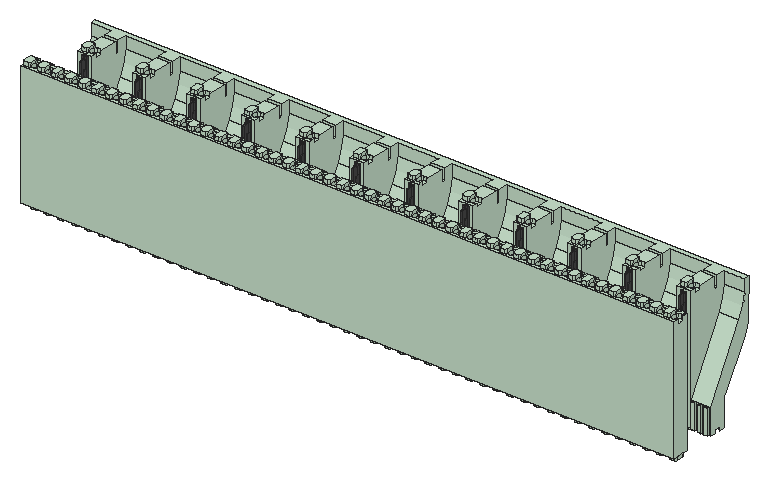
Revit family (continued)
Forms (mm)
  Extrusion 114, void
    sketch origin (2184.4, -25.16, 0) x (1, 0, 0) y (0, 1, 0)
      loop
        arc (25.4, 101.014) -> (26.615, 97.278) -> (29.796, 94.972) r 6.35
        arc (29.796, 94.972) -> (36.091, 93.737) -> (42.5, 94.024) r 26.988
        arc (42.5, 94.024) -> (43.786, 93.668) -> (44.346, 92.457) r 1.587
        line (44.346, 92.457) -> (44.346, 86.829) -> (48.685, 86.829) -> (48.685, 95.62)
        arc (48.685, 95.62) -> (48.795, 96.199) -> (49.108, 96.698) r 1.588
        arc (49.108, 96.698) -> (50.362, 98.696) -> (50.8, 101.014) r 6.35
        line (50.8, 101.014) -> (50.8, 124.411)
        arc (50.8, 124.411) -> (49.585, 128.147) -> (46.404, 130.453) r 6.35
        arc (46.404, 130.453) -> (38.1, 131.763) -> (29.796, 130.453) r 26.987
        arc (29.796, 130.453) -> (26.615, 128.147) -> (25.4, 124.411) r 6.35
    from 0 to 12.7
  Extrusion 115, void
    sketch origin (2133.6, -25.16, 0) x (1, 0, 0) y (0, 1, 0)
      loop
        line (25.4, 124.411) -> (25.4, 101.014)
        arc (25.4, 101.014) -> (26.615, 97.278) -> (29.796, 94.972) r 6.35
        arc (29.796, 94.972) -> (36.091, 93.737) -> (42.5, 94.024) r 26.988
        arc (42.5, 94.024) -> (43.786, 93.668) -> (44.346, 92.457) r 1.587
        line (44.346, 92.457) -> (44.346, 86.829) -> (48.685, 86.829) -> (48.685, 95.62)
        arc (48.685, 95.62) -> (48.795, 96.199) -> (49.108, 96.698) r 1.588
        arc (49.108, 96.698) -> (50.362, 98.696) -> (50.8, 101.014) r 6.35
        line (50.8, 101.014) -> (50.8, 124.411)
        arc (50.8, 124.411) -> (49.585, 128.147) -> (46.404, 130.453) r 6.35
        arc (46.404, 130.453) -> (38.1, 131.763) -> (29.796, 130.453) r 26.987
        arc (29.796, 130.453) -> (26.615, 128.147) -> (25.4, 124.411) r 6.35
    from 0 to 12.7
  Extrusion 116, void
    sketch origin (2082.8, -25.16, 0) x (1, 0, 0) y (0, 1, 0)
      loop
        line (25.4, 124.411) -> (25.4, 101.014)
        arc (25.4, 101.014) -> (26.615, 97.278) -> (29.796, 94.972) r 6.35
        arc (29.796, 94.972) -> (36.091, 93.737) -> (42.5, 94.024) r 26.988
        arc (42.5, 94.024) -> (43.786, 93.668) -> (44.346, 92.457) r 1.587
        line (44.346, 92.457) -> (44.346, 86.829) -> (48.685, 86.829) -> (48.685, 95.62)
        arc (48.685, 95.62) -> (48.795, 96.199) -> (49.108, 96.698) r 1.588
        arc (49.108, 96.698) -> (50.362, 98.696) -> (50.8, 101.014) r 6.35
        line (50.8, 101.014) -> (50.8, 124.411)
        arc (50.8, 124.411) -> (49.585, 128.147) -> (46.404, 130.453) r 6.35
        arc (46.404, 130.453) -> (38.1, 131.763) -> (29.796, 130.453) r 26.987
        arc (29.796, 130.453) -> (26.615, 128.147) -> (25.4, 124.411) r 6.35
    from 0 to 12.7
  Extrusion 117, void
    sketch origin (2032, -25.16, 0) x (1, 0, 0) y (0, 1, 0)
      loop
        line (25.4, 124.411) -> (25.4, 101.014)
        arc (25.4, 101.014) -> (26.615, 97.278) -> (29.796, 94.972) r 6.35
        arc (29.796, 94.972) -> (36.091, 93.737) -> (42.5, 94.024) r 26.988
        arc (42.5, 94.024) -> (43.786, 93.668) -> (44.346, 92.457) r 1.587
        line (44.346, 92.457) -> (44.346, 86.829) -> (48.685, 86.829) -> (48.685, 95.62)
        arc (48.685, 95.62) -> (48.795, 96.199) -> (49.108, 96.698) r 1.588
        arc (49.108, 96.698) -> (50.362, 98.696) -> (50.8, 101.014) r 6.35
        line (50.8, 101.014) -> (50.8, 124.411)
        arc (50.8, 124.411) -> (49.585, 128.147) -> (46.404, 130.453) r 6.35
        arc (46.404, 130.453) -> (38.1, 131.763) -> (29.796, 130.453) r 26.987
        arc (29.796, 130.453) -> (26.615, 128.147) -> (25.4, 124.411) r 6.35
    from 0 to 12.7
  Extrusion 118, void
    sketch origin (1981.2, -25.16, 0) x (1, 0, 0) y (0, 1, 0)
      loop
        line (25.4, 124.411) -> (25.4, 101.014)
        arc (25.4, 101.014) -> (26.615, 97.278) -> (29.796, 94.972) r 6.35
        arc (29.796, 94.972) -> (36.091, 93.737) -> (42.5, 94.024) r 26.988
        arc (42.5, 94.024) -> (43.786, 93.668) -> (44.346, 92.457) r 1.587
        line (44.346, 92.457) -> (44.346, 86.829) -> (48.685, 86.829) -> (48.685, 95.62)
        arc (48.685, 95.62) -> (48.795, 96.199) -> (49.108, 96.698) r 1.588
        arc (49.108, 96.698) -> (50.362, 98.696) -> (50.8, 101.014) r 6.35
        line (50.8, 101.014) -> (50.8, 124.411)
        arc (50.8, 124.411) -> (49.585, 128.147) -> (46.404, 130.453) r 6.35
        arc (46.404, 130.453) -> (38.1, 131.763) -> (29.796, 130.453) r 26.987
        arc (29.796, 130.453) -> (26.615, 128.147) -> (25.4, 124.411) r 6.35
    from 0 to 12.7
  Extrusion 119, void
    sketch origin (1930.4, -25.16, 0) x (1, 0, 0) y (0, 1, 0)
      loop
        line (25.4, 124.411) -> (25.4, 101.014)
        arc (25.4, 101.014) -> (26.615, 97.278) -> (29.796, 94.972) r 6.35
        arc (29.796, 94.972) -> (36.091, 93.737) -> (42.5, 94.024) r 26.988
        arc (42.5, 94.024) -> (43.786, 93.668) -> (44.346, 92.457) r 1.587
        line (44.346, 92.457) -> (44.346, 86.829) -> (48.685, 86.829) -> (48.685, 95.62)
        arc (48.685, 95.62) -> (48.795, 96.199) -> (49.108, 96.698) r 1.588
        arc (49.108, 96.698) -> (50.362, 98.696) -> (50.8, 101.014) r 6.35
        line (50.8, 101.014) -> (50.8, 124.411)
        arc (50.8, 124.411) -> (49.585, 128.147) -> (46.404, 130.453) r 6.35
        arc (46.404, 130.453) -> (38.1, 131.763) -> (29.796, 130.453) r 26.987
        arc (29.796, 130.453) -> (26.615, 128.147) -> (25.4, 124.411) r 6.35
    from 0 to 12.7
  Extrusion 120, void
    sketch origin (1879.6, -25.16, 0) x (1, 0, 0) y (0, 1, 0)
      loop
        line (25.4, 124.411) -> (25.4, 101.014)
        arc (25.4, 101.014) -> (26.615, 97.278) -> (29.796, 94.972) r 6.35
        arc (29.796, 94.972) -> (36.091, 93.737) -> (42.5, 94.024) r 26.988
        arc (42.5, 94.024) -> (43.786, 93.668) -> (44.346, 92.457) r 1.587
        line (44.346, 92.457) -> (44.346, 86.829) -> (48.685, 86.829) -> (48.685, 95.62)
        arc (48.685, 95.62) -> (48.795, 96.199) -> (49.108, 96.698) r 1.588
        arc (49.108, 96.698) -> (50.362, 98.696) -> (50.8, 101.014) r 6.35
        line (50.8, 101.014) -> (50.8, 124.411)
        arc (50.8, 124.411) -> (49.585, 128.147) -> (46.404, 130.453) r 6.35
        arc (46.404, 130.453) -> (38.1, 131.763) -> (29.796, 130.453) r 26.987
        arc (29.796, 130.453) -> (26.615, 128.147) -> (25.4, 124.411) r 6.35
    from 0 to 12.7
  Extrusion 121, void
    sketch origin (1828.8, -25.16, 0) x (1, 0, 0) y (0, 1, 0)
      loop
        line (25.4, 124.411) -> (25.4, 101.014)
        arc (25.4, 101.014) -> (26.615, 97.278) -> (29.796, 94.972) r 6.35
        arc (29.796, 94.972) -> (36.091, 93.737) -> (42.5, 94.024) r 26.988
        arc (42.5, 94.024) -> (43.786, 93.668) -> (44.346, 92.457) r 1.587
        line (44.346, 92.457) -> (44.346, 86.829) -> (48.685, 86.829) -> (48.685, 95.62)
        arc (48.685, 95.62) -> (48.795, 96.199) -> (49.108, 96.698) r 1.588
        arc (49.108, 96.698) -> (50.362, 98.696) -> (50.8, 101.014) r 6.35
        line (50.8, 101.014) -> (50.8, 124.411)
        arc (50.8, 124.411) -> (49.585, 128.147) -> (46.404, 130.453) r 6.35
        arc (46.404, 130.453) -> (38.1, 131.763) -> (29.796, 130.453) r 26.987
        arc (29.796, 130.453) -> (26.615, 128.147) -> (25.4, 124.411) r 6.35
    from 0 to 12.7
  Extrusion 122, void
    sketch origin (1778, -25.16, 0) x (1, 0, 0) y (0, 1, 0)
      loop
        line (25.4, 124.411) -> (25.4, 101.014)
        arc (25.4, 101.014) -> (26.615, 97.278) -> (29.796, 94.972) r 6.35
        arc (29.796, 94.972) -> (36.091, 93.737) -> (42.5, 94.024) r 26.988
        arc (42.5, 94.024) -> (43.786, 93.668) -> (44.346, 92.457) r 1.587
        line (44.346, 92.457) -> (44.346, 86.829) -> (48.685, 86.829) -> (48.685, 95.62)
        arc (48.685, 95.62) -> (48.795, 96.199) -> (49.108, 96.698) r 1.588
        arc (49.108, 96.698) -> (50.362, 98.696) -> (50.8, 101.014) r 6.35
        line (50.8, 101.014) -> (50.8, 124.411)
        arc (50.8, 124.411) -> (49.585, 128.147) -> (46.404, 130.453) r 6.35
        arc (46.404, 130.453) -> (38.1, 131.763) -> (29.796, 130.453) r 26.987
        arc (29.796, 130.453) -> (26.615, 128.147) -> (25.4, 124.411) r 6.35
    from 0 to 12.7
  Extrusion 123, void
    sketch origin (1727.2, -25.16, 0) x (1, 0, 0) y (0, 1, 0)
      loop
        line (25.4, 124.411) -> (25.4, 101.014)
        arc (25.4, 101.014) -> (26.615, 97.278) -> (29.796, 94.972) r 6.35
        arc (29.796, 94.972) -> (36.091, 93.737) -> (42.5, 94.024) r 26.988
        arc (42.5, 94.024) -> (43.786, 93.668) -> (44.346, 92.457) r 1.587
        line (44.346, 92.457) -> (44.346, 86.829) -> (48.685, 86.829) -> (48.685, 95.62)
        arc (48.685, 95.62) -> (48.795, 96.199) -> (49.108, 96.698) r 1.588
        arc (49.108, 96.698) -> (50.362, 98.696) -> (50.8, 101.014) r 6.35
        line (50.8, 101.014) -> (50.8, 124.411)
        arc (50.8, 124.411) -> (49.585, 128.147) -> (46.404, 130.453) r 6.35
        arc (46.404, 130.453) -> (38.1, 131.763) -> (29.796, 130.453) r 26.987
        arc (29.796, 130.453) -> (26.615, 128.147) -> (25.4, 124.411) r 6.35
    from 0 to 12.7
  Extrusion 124, void
    sketch origin (1676.4, -25.16, 0) x (1, 0, 0) y (0, 1, 0)
      loop
        line (25.4, 124.411) -> (25.4, 101.014)
        arc (25.4, 101.014) -> (26.615, 97.278) -> (29.796, 94.972) r 6.35
        arc (29.796, 94.972) -> (36.091, 93.737) -> (42.5, 94.024) r 26.988
        arc (42.5, 94.024) -> (43.786, 93.668) -> (44.346, 92.457) r 1.587
        line (44.346, 92.457) -> (44.346, 86.829) -> (48.685, 86.829) -> (48.685, 95.62)
        arc (48.685, 95.62) -> (48.795, 96.199) -> (49.108, 96.698) r 1.588
        arc (49.108, 96.698) -> (50.362, 98.696) -> (50.8, 101.014) r 6.35
        line (50.8, 101.014) -> (50.8, 124.411)
        arc (50.8, 124.411) -> (49.585, 128.147) -> (46.404, 130.453) r 6.35
        arc (46.404, 130.453) -> (38.1, 131.763) -> (29.796, 130.453) r 26.987
        arc (29.796, 130.453) -> (26.615, 128.147) -> (25.4, 124.411) r 6.35
    from 0 to 12.7
  Extrusion 125, void
    sketch origin (1625.6, -25.16, 0) x (1, 0, 0) y (0, 1, 0)
      loop
        line (25.4, 124.411) -> (25.4, 101.014)
        arc (25.4, 101.014) -> (26.615, 97.278) -> (29.796, 94.972) r 6.35
        arc (29.796, 94.972) -> (36.091, 93.737) -> (42.5, 94.024) r 26.988
        arc (42.5, 94.024) -> (43.786, 93.668) -> (44.346, 92.457) r 1.587
        line (44.346, 92.457) -> (44.346, 86.829) -> (48.685, 86.829) -> (48.685, 95.62)
        arc (48.685, 95.62) -> (48.795, 96.199) -> (49.108, 96.698) r 1.588
        arc (49.108, 96.698) -> (50.362, 98.696) -> (50.8, 101.014) r 6.35
        line (50.8, 101.014) -> (50.8, 124.411)
        arc (50.8, 124.411) -> (49.585, 128.147) -> (46.404, 130.453) r 6.35
        arc (46.404, 130.453) -> (38.1, 131.763) -> (29.796, 130.453) r 26.987
        arc (29.796, 130.453) -> (26.615, 128.147) -> (25.4, 124.411) r 6.35
    from 0 to 12.7
  Extrusion 126, void
    sketch origin (1574.8, -25.16, 0) x (1, 0, 0) y (0, 1, 0)
      loop
        line (25.4, 124.411) -> (25.4, 101.014)
        arc (25.4, 101.014) -> (26.615, 97.278) -> (29.796, 94.972) r 6.35
        arc (29.796, 94.972) -> (36.091, 93.737) -> (42.5, 94.024) r 26.988
        arc (42.5, 94.024) -> (43.786, 93.668) -> (44.346, 92.457) r 1.587
        line (44.346, 92.457) -> (44.346, 86.829) -> (48.685, 86.829) -> (48.685, 95.62)
        arc (48.685, 95.62) -> (48.795, 96.199) -> (49.108, 96.698) r 1.588
        arc (49.108, 96.698) -> (50.362, 98.696) -> (50.8, 101.014) r 6.35
        line (50.8, 101.014) -> (50.8, 124.411)
        arc (50.8, 124.411) -> (49.585, 128.147) -> (46.404, 130.453) r 6.35
        arc (46.404, 130.453) -> (38.1, 131.763) -> (29.796, 130.453) r 26.987
        arc (29.796, 130.453) -> (26.615, 128.147) -> (25.4, 124.411) r 6.35
    from 0 to 12.7
  Extrusion 127, void
    sketch origin (1524, -25.16, 0) x (1, 0, 0) y (0, 1, 0)
      loop
        line (25.4, 124.411) -> (25.4, 101.014)
        arc (25.4, 101.014) -> (26.615, 97.278) -> (29.796, 94.972) r 6.35
        arc (29.796, 94.972) -> (36.091, 93.737) -> (42.5, 94.024) r 26.988
        arc (42.5, 94.024) -> (43.786, 93.668) -> (44.346, 92.457) r 1.587
        line (44.346, 92.457) -> (44.346, 86.829) -> (48.685, 86.829) -> (48.685, 95.62)
        arc (48.685, 95.62) -> (48.795, 96.199) -> (49.108, 96.698) r 1.588
        arc (49.108, 96.698) -> (50.362, 98.696) -> (50.8, 101.014) r 6.35
        line (50.8, 101.014) -> (50.8, 124.411)
        arc (50.8, 124.411) -> (49.585, 128.147) -> (46.404, 130.453) r 6.35
        arc (46.404, 130.453) -> (38.1, 131.763) -> (29.796, 130.453) r 26.987
        arc (29.796, 130.453) -> (26.615, 128.147) -> (25.4, 124.411) r 6.35
    from 0 to 12.7
  Extrusion 128, void
    sketch origin (1473.2, -25.16, 0) x (1, 0, 0) y (0, 1, 0)
      loop
        line (25.4, 124.411) -> (25.4, 101.014)
        arc (25.4, 101.014) -> (26.615, 97.278) -> (29.796, 94.972) r 6.35
        arc (29.796, 94.972) -> (36.091, 93.737) -> (42.5, 94.024) r 26.988
        arc (42.5, 94.024) -> (43.786, 93.668) -> (44.346, 92.457) r 1.587
        line (44.346, 92.457) -> (44.346, 86.829) -> (48.685, 86.829) -> (48.685, 95.62)
        arc (48.685, 95.62) -> (48.795, 96.199) -> (49.108, 96.698) r 1.588
        arc (49.108, 96.698) -> (50.362, 98.696) -> (50.8, 101.014) r 6.35
        line (50.8, 101.014) -> (50.8, 124.411)
        arc (50.8, 124.411) -> (49.585, 128.147) -> (46.404, 130.453) r 6.35
        arc (46.404, 130.453) -> (38.1, 131.763) -> (29.796, 130.453) r 26.987
        arc (29.796, 130.453) -> (26.615, 128.147) -> (25.4, 124.411) r 6.35
    from 0 to 12.7
  Extrusion 129, void
    sketch origin (1422.4, -25.16, 0) x (1, 0, 0) y (0, 1, 0)
      loop
        line (25.4, 124.411) -> (25.4, 101.014)
        arc (25.4, 101.014) -> (26.615, 97.278) -> (29.796, 94.972) r 6.35
        arc (29.796, 94.972) -> (36.091, 93.737) -> (42.5, 94.024) r 26.988
        arc (42.5, 94.024) -> (43.786, 93.668) -> (44.346, 92.457) r 1.587
        line (44.346, 92.457) -> (44.346, 86.829) -> (48.685, 86.829) -> (48.685, 95.62)
        arc (48.685, 95.62) -> (48.795, 96.199) -> (49.108, 96.698) r 1.588
        arc (49.108, 96.698) -> (50.362, 98.696) -> (50.8, 101.014) r 6.35
        line (50.8, 101.014) -> (50.8, 124.411)
        arc (50.8, 124.411) -> (49.585, 128.147) -> (46.404, 130.453) r 6.35
        arc (46.404, 130.453) -> (38.1, 131.763) -> (29.796, 130.453) r 26.987
        arc (29.796, 130.453) -> (26.615, 128.147) -> (25.4, 124.411) r 6.35
    from 0 to 12.7
  Extrusion 130, void
    sketch origin (1371.6, -25.16, 0) x (1, 0, 0) y (0, 1, 0)
      loop
        line (25.4, 124.411) -> (25.4, 101.014)
        arc (25.4, 101.014) -> (26.615, 97.278) -> (29.796, 94.972) r 6.35
        arc (29.796, 94.972) -> (36.091, 93.737) -> (42.5, 94.024) r 26.988
        arc (42.5, 94.024) -> (43.786, 93.668) -> (44.346, 92.457) r 1.587
        line (44.346, 92.457) -> (44.346, 86.829) -> (48.685, 86.829) -> (48.685, 95.62)
        arc (48.685, 95.62) -> (48.795, 96.199) -> (49.108, 96.698) r 1.588
        arc (49.108, 96.698) -> (50.362, 98.696) -> (50.8, 101.014) r 6.35
        line (50.8, 101.014) -> (50.8, 124.411)
        arc (50.8, 124.411) -> (49.585, 128.147) -> (46.404, 130.453) r 6.35
        arc (46.404, 130.453) -> (38.1, 131.763) -> (29.796, 130.453) r 26.987
        arc (29.796, 130.453) -> (26.615, 128.147) -> (25.4, 124.411) r 6.35
    from 0 to 12.7
  Extrusion 131, void
    sketch origin (1320.8, -25.16, 0) x (1, 0, 0) y (0, 1, 0)
      loop
        line (25.4, 124.411) -> (25.4, 101.014)
        arc (25.4, 101.014) -> (26.615, 97.278) -> (29.796, 94.972) r 6.35
        arc (29.796, 94.972) -> (36.091, 93.737) -> (42.5, 94.024) r 26.988
        arc (42.5, 94.024) -> (43.786, 93.668) -> (44.346, 92.457) r 1.587
        line (44.346, 92.457) -> (44.346, 86.829) -> (48.685, 86.829) -> (48.685, 95.62)
        arc (48.685, 95.62) -> (48.795, 96.199) -> (49.108, 96.698) r 1.588
        arc (49.108, 96.698) -> (50.362, 98.696) -> (50.8, 101.014) r 6.35
        line (50.8, 101.014) -> (50.8, 124.411)
        arc (50.8, 124.411) -> (49.585, 128.147) -> (46.404, 130.453) r 6.35
        arc (46.404, 130.453) -> (38.1, 131.763) -> (29.796, 130.453) r 26.987
        arc (29.796, 130.453) -> (26.615, 128.147) -> (25.4, 124.411) r 6.35
    from 0 to 12.7
  Extrusion 132, void
    sketch origin (1270, -25.16, 0) x (1, 0, 0) y (0, 1, 0)
      loop
        line (25.4, 124.411) -> (25.4, 101.014)
        arc (25.4, 101.014) -> (26.615, 97.278) -> (29.796, 94.972) r 6.35
        arc (29.796, 94.972) -> (36.091, 93.737) -> (42.5, 94.024) r 26.988
        arc (42.5, 94.024) -> (43.786, 93.668) -> (44.346, 92.457) r 1.587
        line (44.346, 92.457) -> (44.346, 86.829) -> (48.685, 86.829) -> (48.685, 95.62)
        arc (48.685, 95.62) -> (48.795, 96.199) -> (49.108, 96.698) r 1.588
        arc (49.108, 96.698) -> (50.362, 98.696) -> (50.8, 101.014) r 6.35
        line (50.8, 101.014) -> (50.8, 124.411)
        arc (50.8, 124.411) -> (49.585, 128.147) -> (46.404, 130.453) r 6.35
        arc (46.404, 130.453) -> (38.1, 131.763) -> (29.796, 130.453) r 26.987
        arc (29.796, 130.453) -> (26.615, 128.147) -> (25.4, 124.411) r 6.35
    from 0 to 12.7
  Extrusion 133, void
    sketch origin (1219.2, -25.16, 0) x (1, 0, 0) y (0, 1, 0)
      loop
        line (25.4, 124.411) -> (25.4, 101.014)
        arc (25.4, 101.014) -> (26.615, 97.278) -> (29.796, 94.972) r 6.35
        arc (29.796, 94.972) -> (36.091, 93.737) -> (42.5, 94.024) r 26.988
        arc (42.5, 94.024) -> (43.786, 93.668) -> (44.346, 92.457) r 1.587
        line (44.346, 92.457) -> (44.346, 86.829) -> (48.685, 86.829) -> (48.685, 95.62)
        arc (48.685, 95.62) -> (48.795, 96.199) -> (49.108, 96.698) r 1.588
        arc (49.108, 96.698) -> (50.362, 98.696) -> (50.8, 101.014) r 6.35
        line (50.8, 101.014) -> (50.8, 124.411)
        arc (50.8, 124.411) -> (49.585, 128.147) -> (46.404, 130.453) r 6.35
        arc (46.404, 130.453) -> (38.1, 131.763) -> (29.796, 130.453) r 26.987
        arc (29.796, 130.453) -> (26.615, 128.147) -> (25.4, 124.411) r 6.35
    from 0 to 12.7
  Extrusion 134, void
    sketch origin (1168.4, -25.16, 0) x (1, 0, 0) y (0, 1, 0)
      loop
        line (25.4, 124.411) -> (25.4, 101.014)
        arc (25.4, 101.014) -> (26.615, 97.278) -> (29.796, 94.972) r 6.35
        arc (29.796, 94.972) -> (36.091, 93.737) -> (42.5, 94.024) r 26.988
        arc (42.5, 94.024) -> (43.786, 93.668) -> (44.346, 92.457) r 1.587
        line (44.346, 92.457) -> (44.346, 86.829) -> (48.685, 86.829) -> (48.685, 95.62)
        arc (48.685, 95.62) -> (48.795, 96.199) -> (49.108, 96.698) r 1.588
        arc (49.108, 96.698) -> (50.362, 98.696) -> (50.8, 101.014) r 6.35
        line (50.8, 101.014) -> (50.8, 124.411)
        arc (50.8, 124.411) -> (49.585, 128.147) -> (46.404, 130.453) r 6.35
        arc (46.404, 130.453) -> (38.1, 131.763) -> (29.796, 130.453) r 26.987
        arc (29.796, 130.453) -> (26.615, 128.147) -> (25.4, 124.411) r 6.35
    from 0 to 12.7
  Extrusion 135, void
    sketch origin (1117.6, -25.16, 0) x (1, 0, 0) y (0, 1, 0)
      loop
        line (25.4, 124.411) -> (25.4, 101.014)
        arc (25.4, 101.014) -> (26.615, 97.278) -> (29.796, 94.972) r 6.35
        arc (29.796, 94.972) -> (36.091, 93.737) -> (42.5, 94.024) r 26.988
        arc (42.5, 94.024) -> (43.786, 93.668) -> (44.346, 92.457) r 1.587
        line (44.346, 92.457) -> (44.346, 86.829) -> (48.685, 86.829) -> (48.685, 95.62)
        arc (48.685, 95.62) -> (48.795, 96.199) -> (49.108, 96.698) r 1.588
        arc (49.108, 96.698) -> (50.362, 98.696) -> (50.8, 101.014) r 6.35
        line (50.8, 101.014) -> (50.8, 124.411)
        arc (50.8, 124.411) -> (49.585, 128.147) -> (46.404, 130.453) r 6.35
        arc (46.404, 130.453) -> (38.1, 131.763) -> (29.796, 130.453) r 26.987
        arc (29.796, 130.453) -> (26.615, 128.147) -> (25.4, 124.411) r 6.35
    from 0 to 12.7
  Extrusion 136, void
    sketch origin (1066.8, -25.16, 0) x (1, 0, 0) y (0, 1, 0)
      loop
        line (25.4, 124.411) -> (25.4, 101.014)
        arc (25.4, 101.014) -> (26.615, 97.278) -> (29.796, 94.972) r 6.35
        arc (29.796, 94.972) -> (36.091, 93.737) -> (42.5, 94.024) r 26.988
        arc (42.5, 94.024) -> (43.786, 93.668) -> (44.346, 92.457) r 1.587
        line (44.346, 92.457) -> (44.346, 86.829) -> (48.685, 86.829) -> (48.685, 95.62)
        arc (48.685, 95.62) -> (48.795, 96.199) -> (49.108, 96.698) r 1.588
        arc (49.108, 96.698) -> (50.362, 98.696) -> (50.8, 101.014) r 6.35
        line (50.8, 101.014) -> (50.8, 124.411)
        arc (50.8, 124.411) -> (49.585, 128.147) -> (46.404, 130.453) r 6.35
        arc (46.404, 130.453) -> (38.1, 131.763) -> (29.796, 130.453) r 26.987
        arc (29.796, 130.453) -> (26.615, 128.147) -> (25.4, 124.411) r 6.35
    from 0 to 12.7
  Extrusion 137, void
    sketch origin (1016, -25.16, 0) x (1, 0, 0) y (0, 1, 0)
      loop
        line (25.4, 124.411) -> (25.4, 101.014)
        arc (25.4, 101.014) -> (26.615, 97.278) -> (29.796, 94.972) r 6.35
        arc (29.796, 94.972) -> (36.091, 93.737) -> (42.5, 94.024) r 26.988
        arc (42.5, 94.024) -> (43.786, 93.668) -> (44.346, 92.457) r 1.587
        line (44.346, 92.457) -> (44.346, 86.829) -> (48.685, 86.829) -> (48.685, 95.62)
        arc (48.685, 95.62) -> (48.795, 96.199) -> (49.108, 96.698) r 1.588
        arc (49.108, 96.698) -> (50.362, 98.696) -> (50.8, 101.014) r 6.35
        line (50.8, 101.014) -> (50.8, 124.411)
        arc (50.8, 124.411) -> (49.585, 128.147) -> (46.404, 130.453) r 6.35
        arc (46.404, 130.453) -> (38.1, 131.763) -> (29.796, 130.453) r 26.987
        arc (29.796, 130.453) -> (26.615, 128.147) -> (25.4, 124.411) r 6.35
    from 0 to 12.7
  Extrusion 138, void
    sketch origin (965.2, -25.16, 0) x (1, 0, 0) y (0, 1, 0)
      loop
        line (25.4, 124.411) -> (25.4, 101.014)
        arc (25.4, 101.014) -> (26.615, 97.278) -> (29.796, 94.972) r 6.35
        arc (29.796, 94.972) -> (36.091, 93.737) -> (42.5, 94.024) r 26.988
        arc (42.5, 94.024) -> (43.786, 93.668) -> (44.346, 92.457) r 1.587
        line (44.346, 92.457) -> (44.346, 86.829) -> (48.685, 86.829) -> (48.685, 95.62)
        arc (48.685, 95.62) -> (48.795, 96.199) -> (49.108, 96.698) r 1.588
        arc (49.108, 96.698) -> (50.362, 98.696) -> (50.8, 101.014) r 6.35
        line (50.8, 101.014) -> (50.8, 124.411)
        arc (50.8, 124.411) -> (49.585, 128.147) -> (46.404, 130.453) r 6.35
        arc (46.404, 130.453) -> (38.1, 131.763) -> (29.796, 130.453) r 26.987
        arc (29.796, 130.453) -> (26.615, 128.147) -> (25.4, 124.411) r 6.35
    from 0 to 12.7
  Extrusion 139, void
    sketch origin (914.4, -25.16, 0) x (1, 0, 0) y (0, 1, 0)
      loop
        line (25.4, 124.411) -> (25.4, 101.014)
        arc (25.4, 101.014) -> (26.615, 97.278) -> (29.796, 94.972) r 6.35
        arc (29.796, 94.972) -> (36.091, 93.737) -> (42.5, 94.024) r 26.988
        arc (42.5, 94.024) -> (43.786, 93.668) -> (44.346, 92.457) r 1.587
        line (44.346, 92.457) -> (44.346, 86.829) -> (48.685, 86.829) -> (48.685, 95.62)
        arc (48.685, 95.62) -> (48.795, 96.199) -> (49.108, 96.698) r 1.588
        arc (49.108, 96.698) -> (50.362, 98.696) -> (50.8, 101.014) r 6.35
        line (50.8, 101.014) -> (50.8, 124.411)
        arc (50.8, 124.411) -> (49.585, 128.147) -> (46.404, 130.453) r 6.35
        arc (46.404, 130.453) -> (38.1, 131.763) -> (29.796, 130.453) r 26.987
        arc (29.796, 130.453) -> (26.615, 128.147) -> (25.4, 124.411) r 6.35
    from 0 to 12.7
  Extrusion 140, void
    sketch origin (863.6, -25.16, 0) x (1, 0, 0) y (0, 1, 0)
      loop
        line (25.4, 124.411) -> (25.4, 101.014)
        arc (25.4, 101.014) -> (26.615, 97.278) -> (29.796, 94.972) r 6.35
        arc (29.796, 94.972) -> (36.091, 93.737) -> (42.5, 94.024) r 26.988
        arc (42.5, 94.024) -> (43.786, 93.668) -> (44.346, 92.457) r 1.587
        line (44.346, 92.457) -> (44.346, 86.829) -> (48.685, 86.829) -> (48.685, 95.62)
        arc (48.685, 95.62) -> (48.795, 96.199) -> (49.108, 96.698) r 1.588
        arc (49.108, 96.698) -> (50.362, 98.696) -> (50.8, 101.014) r 6.35
        line (50.8, 101.014) -> (50.8, 124.411)
        arc (50.8, 124.411) -> (49.585, 128.147) -> (46.404, 130.453) r 6.35
        arc (46.404, 130.453) -> (38.1, 131.763) -> (29.796, 130.453) r 26.987
        arc (29.796, 130.453) -> (26.615, 128.147) -> (25.4, 124.411) r 6.35
    from 0 to 12.7
  Extrusion 141, void
    sketch origin (812.8, -25.16, 0) x (1, 0, 0) y (0, 1, 0)
      loop
        line (25.4, 124.411) -> (25.4, 101.014)
        arc (25.4, 101.014) -> (26.615, 97.278) -> (29.796, 94.972) r 6.35
        arc (29.796, 94.972) -> (36.091, 93.737) -> (42.5, 94.024) r 26.988
        arc (42.5, 94.024) -> (43.786, 93.668) -> (44.346, 92.457) r 1.587
        line (44.346, 92.457) -> (44.346, 86.829) -> (48.685, 86.829) -> (48.685, 95.62)
        arc (48.685, 95.62) -> (48.795, 96.199) -> (49.108, 96.698) r 1.588
        arc (49.108, 96.698) -> (50.362, 98.696) -> (50.8, 101.014) r 6.35
        line (50.8, 101.014) -> (50.8, 124.411)
        arc (50.8, 124.411) -> (49.585, 128.147) -> (46.404, 130.453) r 6.35
        arc (46.404, 130.453) -> (38.1, 131.763) -> (29.796, 130.453) r 26.987
        arc (29.796, 130.453) -> (26.615, 128.147) -> (25.4, 124.411) r 6.35
    from 0 to 12.7
  Extrusion 142, void
    sketch origin (762, -25.16, 0) x (1, 0, 0) y (0, 1, 0)
      loop
        line (25.4, 124.411) -> (25.4, 101.014)
        arc (25.4, 101.014) -> (26.615, 97.278) -> (29.796, 94.972) r 6.35
        arc (29.796, 94.972) -> (36.091, 93.737) -> (42.5, 94.024) r 26.988
        arc (42.5, 94.024) -> (43.786, 93.668) -> (44.346, 92.457) r 1.587
        line (44.346, 92.457) -> (44.346, 86.829) -> (48.685, 86.829) -> (48.685, 95.62)
        arc (48.685, 95.62) -> (48.795, 96.199) -> (49.108, 96.698) r 1.588
        arc (49.108, 96.698) -> (50.362, 98.696) -> (50.8, 101.014) r 6.35
        line (50.8, 101.014) -> (50.8, 124.411)
        arc (50.8, 124.411) -> (49.585, 128.147) -> (46.404, 130.453) r 6.35
        arc (46.404, 130.453) -> (38.1, 131.763) -> (29.796, 130.453) r 26.987
        arc (29.796, 130.453) -> (26.615, 128.147) -> (25.4, 124.411) r 6.35
    from 0 to 12.7
  Extrusion 143, void
    sketch origin (711.2, -25.16, 0) x (1, 0, 0) y (0, 1, 0)
      loop
        line (25.4, 124.411) -> (25.4, 101.014)
        arc (25.4, 101.014) -> (26.615, 97.278) -> (29.796, 94.972) r 6.35
        arc (29.796, 94.972) -> (36.091, 93.737) -> (42.5, 94.024) r 26.988
        arc (42.5, 94.024) -> (43.786, 93.668) -> (44.346, 92.457) r 1.587
        line (44.346, 92.457) -> (44.346, 86.829) -> (48.685, 86.829) -> (48.685, 95.62)
        arc (48.685, 95.62) -> (48.795, 96.199) -> (49.108, 96.698) r 1.588
        arc (49.108, 96.698) -> (50.362, 98.696) -> (50.8, 101.014) r 6.35
        line (50.8, 101.014) -> (50.8, 124.411)
        arc (50.8, 124.411) -> (49.585, 128.147) -> (46.404, 130.453) r 6.35
        arc (46.404, 130.453) -> (38.1, 131.763) -> (29.796, 130.453) r 26.987
        arc (29.796, 130.453) -> (26.615, 128.147) -> (25.4, 124.411) r 6.35
    from 0 to 12.7
  Extrusion 144, void
    sketch origin (660.4, -25.16, 0) x (1, 0, 0) y (0, 1, 0)
      loop
        line (25.4, 124.411) -> (25.4, 101.014)
        arc (25.4, 101.014) -> (26.615, 97.278) -> (29.796, 94.972) r 6.35
        arc (29.796, 94.972) -> (36.091, 93.737) -> (42.5, 94.024) r 26.988
        arc (42.5, 94.024) -> (43.786, 93.668) -> (44.346, 92.457) r 1.587
        line (44.346, 92.457) -> (44.346, 86.829) -> (48.685, 86.829) -> (48.685, 95.62)
        arc (48.685, 95.62) -> (48.795, 96.199) -> (49.108, 96.698) r 1.588
        arc (49.108, 96.698) -> (50.362, 98.696) -> (50.8, 101.014) r 6.35
        line (50.8, 101.014) -> (50.8, 124.411)
        arc (50.8, 124.411) -> (49.585, 128.147) -> (46.404, 130.453) r 6.35
        arc (46.404, 130.453) -> (38.1, 131.763) -> (29.796, 130.453) r 26.987
        arc (29.796, 130.453) -> (26.615, 128.147) -> (25.4, 124.411) r 6.35
    from 0 to 12.7
  Extrusion 145, void
    sketch origin (609.6, -25.16, 0) x (1, 0, 0) y (0, 1, 0)
      loop
        line (25.4, 124.411) -> (25.4, 101.014)
        arc (25.4, 101.014) -> (26.615, 97.278) -> (29.796, 94.972) r 6.35
        arc (29.796, 94.972) -> (36.091, 93.737) -> (42.5, 94.024) r 26.988
        arc (42.5, 94.024) -> (43.786, 93.668) -> (44.346, 92.457) r 1.587
        line (44.346, 92.457) -> (44.346, 86.829) -> (48.685, 86.829) -> (48.685, 95.62)
        arc (48.685, 95.62) -> (48.795, 96.199) -> (49.108, 96.698) r 1.588
        arc (49.108, 96.698) -> (50.362, 98.696) -> (50.8, 101.014) r 6.35
        line (50.8, 101.014) -> (50.8, 124.411)
        arc (50.8, 124.411) -> (49.585, 128.147) -> (46.404, 130.453) r 6.35
        arc (46.404, 130.453) -> (38.1, 131.763) -> (29.796, 130.453) r 26.987
        arc (29.796, 130.453) -> (26.615, 128.147) -> (25.4, 124.411) r 6.35
    from 0 to 12.7
  Extrusion 146, void
    sketch origin (558.8, -25.16, 0) x (1, 0, 0) y (0, 1, 0)
      loop
        line (25.4, 124.411) -> (25.4, 101.014)
        arc (25.4, 101.014) -> (26.615, 97.278) -> (29.796, 94.972) r 6.35
        arc (29.796, 94.972) -> (36.091, 93.737) -> (42.5, 94.024) r 26.988
        arc (42.5, 94.024) -> (43.786, 93.668) -> (44.346, 92.457) r 1.587
        line (44.346, 92.457) -> (44.346, 86.829) -> (48.685, 86.829) -> (48.685, 95.62)
        arc (48.685, 95.62) -> (48.795, 96.199) -> (49.108, 96.698) r 1.588
        arc (49.108, 96.698) -> (50.362, 98.696) -> (50.8, 101.014) r 6.35
        line (50.8, 101.014) -> (50.8, 124.411)
        arc (50.8, 124.411) -> (49.585, 128.147) -> (46.404, 130.453) r 6.35
        arc (46.404, 130.453) -> (38.1, 131.763) -> (29.796, 130.453) r 26.987
        arc (29.796, 130.453) -> (26.615, 128.147) -> (25.4, 124.411) r 6.35
    from 0 to 12.7
  Extrusion 147, void
    sketch origin (508, -25.16, 0) x (1, 0, 0) y (0, 1, 0)
      loop
        line (25.4, 124.411) -> (25.4, 101.014)
        arc (25.4, 101.014) -> (26.615, 97.278) -> (29.796, 94.972) r 6.35
        arc (29.796, 94.972) -> (36.091, 93.737) -> (42.5, 94.024) r 26.988
        arc (42.5, 94.024) -> (43.786, 93.668) -> (44.346, 92.457) r 1.587
        line (44.346, 92.457) -> (44.346, 86.829) -> (48.685, 86.829) -> (48.685, 95.62)
        arc (48.685, 95.62) -> (48.795, 96.199) -> (49.108, 96.698) r 1.588
        arc (49.108, 96.698) -> (50.362, 98.696) -> (50.8, 101.014) r 6.35
        line (50.8, 101.014) -> (50.8, 124.411)
        arc (50.8, 124.411) -> (49.585, 128.147) -> (46.404, 130.453) r 6.35
        arc (46.404, 130.453) -> (38.1, 131.763) -> (29.796, 130.453) r 26.987
        arc (29.796, 130.453) -> (26.615, 128.147) -> (25.4, 124.411) r 6.35
    from 0 to 12.7
  Extrusion 148, void
    sketch origin (457.2, -25.16, 0) x (1, 0, 0) y (0, 1, 0)
      loop
        line (25.4, 124.411) -> (25.4, 101.014)
        arc (25.4, 101.014) -> (26.615, 97.278) -> (29.796, 94.972) r 6.35
        arc (29.796, 94.972) -> (36.091, 93.737) -> (42.5, 94.024) r 26.988
        arc (42.5, 94.024) -> (43.786, 93.668) -> (44.346, 92.457) r 1.587
        line (44.346, 92.457) -> (44.346, 86.829) -> (48.685, 86.829) -> (48.685, 95.62)
        arc (48.685, 95.62) -> (48.795, 96.199) -> (49.108, 96.698) r 1.588
        arc (49.108, 96.698) -> (50.362, 98.696) -> (50.8, 101.014) r 6.35
        line (50.8, 101.014) -> (50.8, 124.411)
        arc (50.8, 124.411) -> (49.585, 128.147) -> (46.404, 130.453) r 6.35
        arc (46.404, 130.453) -> (38.1, 131.763) -> (29.796, 130.453) r 26.987
        arc (29.796, 130.453) -> (26.615, 128.147) -> (25.4, 124.411) r 6.35
    from 0 to 12.7
  Extrusion 149, void
    sketch origin (406.4, -25.16, 0) x (1, 0, 0) y (0, 1, 0)
      loop
        line (25.4, 124.411) -> (25.4, 101.014)
        arc (25.4, 101.014) -> (26.615, 97.278) -> (29.796, 94.972) r 6.35
        arc (29.796, 94.972) -> (36.091, 93.737) -> (42.5, 94.024) r 26.988
        arc (42.5, 94.024) -> (43.786, 93.668) -> (44.346, 92.457) r 1.587
        line (44.346, 92.457) -> (44.346, 86.829) -> (48.685, 86.829) -> (48.685, 95.62)
        arc (48.685, 95.62) -> (48.795, 96.199) -> (49.108, 96.698) r 1.588
        arc (49.108, 96.698) -> (50.362, 98.696) -> (50.8, 101.014) r 6.35
        line (50.8, 101.014) -> (50.8, 124.411)
        arc (50.8, 124.411) -> (49.585, 128.147) -> (46.404, 130.453) r 6.35
        arc (46.404, 130.453) -> (38.1, 131.763) -> (29.796, 130.453) r 26.987
        arc (29.796, 130.453) -> (26.615, 128.147) -> (25.4, 124.411) r 6.35
    from 0 to 12.7
  Extrusion 150, void
    sketch origin (355.6, -25.16, 0) x (1, 0, 0) y (0, 1, 0)
      loop
        line (25.4, 124.411) -> (25.4, 101.014)
        arc (25.4, 101.014) -> (26.615, 97.278) -> (29.796, 94.972) r 6.35
        arc (29.796, 94.972) -> (36.091, 93.737) -> (42.5, 94.024) r 26.988
        arc (42.5, 94.024) -> (43.786, 93.668) -> (44.346, 92.457) r 1.587
        line (44.346, 92.457) -> (44.346, 86.829) -> (48.685, 86.829) -> (48.685, 95.62)
        arc (48.685, 95.62) -> (48.795, 96.199) -> (49.108, 96.698) r 1.588
        arc (49.108, 96.698) -> (50.362, 98.696) -> (50.8, 101.014) r 6.35
        line (50.8, 101.014) -> (50.8, 124.411)
        arc (50.8, 124.411) -> (49.585, 128.147) -> (46.404, 130.453) r 6.35
        arc (46.404, 130.453) -> (38.1, 131.763) -> (29.796, 130.453) r 26.987
        arc (29.796, 130.453) -> (26.615, 128.147) -> (25.4, 124.411) r 6.35
    from 0 to 12.7
  Extrusion 151, void
    sketch origin (304.8, -25.16, 0) x (1, 0, 0) y (0, 1, 0)
      loop
        line (25.4, 124.411) -> (25.4, 101.014)
        arc (25.4, 101.014) -> (26.615, 97.278) -> (29.796, 94.972) r 6.35
        arc (29.796, 94.972) -> (36.091, 93.737) -> (42.5, 94.024) r 26.988
        arc (42.5, 94.024) -> (43.786, 93.668) -> (44.346, 92.457) r 1.587
        line (44.346, 92.457) -> (44.346, 86.829) -> (48.685, 86.829) -> (48.685, 95.62)
        arc (48.685, 95.62) -> (48.795, 96.199) -> (49.108, 96.698) r 1.588
        arc (49.108, 96.698) -> (50.362, 98.696) -> (50.8, 101.014) r 6.35
        line (50.8, 101.014) -> (50.8, 124.411)
        arc (50.8, 124.411) -> (49.585, 128.147) -> (46.404, 130.453) r 6.35
        arc (46.404, 130.453) -> (38.1, 131.763) -> (29.796, 130.453) r 26.987
        arc (29.796, 130.453) -> (26.615, 128.147) -> (25.4, 124.411) r 6.35
    from 0 to 12.7
  Extrusion 152, void
    sketch origin (254, -25.16, 0) x (1, 0, 0) y (0, 1, 0)
      loop
        line (25.4, 124.411) -> (25.4, 101.014)
        arc (25.4, 101.014) -> (26.615, 97.278) -> (29.796, 94.972) r 6.35
        arc (29.796, 94.972) -> (36.091, 93.737) -> (42.5, 94.024) r 26.988
        arc (42.5, 94.024) -> (43.786, 93.668) -> (44.346, 92.457) r 1.587
        line (44.346, 92.457) -> (44.346, 86.829) -> (48.685, 86.829) -> (48.685, 95.62)
        arc (48.685, 95.62) -> (48.795, 96.199) -> (49.108, 96.698) r 1.588
        arc (49.108, 96.698) -> (50.362, 98.696) -> (50.8, 101.014) r 6.35
        line (50.8, 101.014) -> (50.8, 124.411)
        arc (50.8, 124.411) -> (49.585, 128.147) -> (46.404, 130.453) r 6.35
        arc (46.404, 130.453) -> (38.1, 131.763) -> (29.796, 130.453) r 26.987
        arc (29.796, 130.453) -> (26.615, 128.147) -> (25.4, 124.411) r 6.35
    from 0 to 12.7
  Extrusion 153, void
    sketch origin (203.2, -25.16, 0) x (1, 0, 0) y (0, 1, 0)
      loop
        line (25.4, 124.411) -> (25.4, 101.014)
        arc (25.4, 101.014) -> (26.615, 97.278) -> (29.796, 94.972) r 6.35
        arc (29.796, 94.972) -> (36.091, 93.737) -> (42.5, 94.024) r 26.988
        arc (42.5, 94.024) -> (43.786, 93.668) -> (44.346, 92.457) r 1.587
        line (44.346, 92.457) -> (44.346, 86.829) -> (48.685, 86.829) -> (48.685, 95.62)
        arc (48.685, 95.62) -> (48.795, 96.199) -> (49.108, 96.698) r 1.588
        arc (49.108, 96.698) -> (50.362, 98.696) -> (50.8, 101.014) r 6.35
        line (50.8, 101.014) -> (50.8, 124.411)
        arc (50.8, 124.411) -> (49.585, 128.147) -> (46.404, 130.453) r 6.35
        arc (46.404, 130.453) -> (38.1, 131.763) -> (29.796, 130.453) r 26.987
        arc (29.796, 130.453) -> (26.615, 128.147) -> (25.4, 124.411) r 6.35
    from 0 to 12.7
  Extrusion 154, void
    sketch origin (152.4, -25.16, 0) x (1, 0, 0) y (0, 1, 0)
      loop
        line (25.4, 124.411) -> (25.4, 101.014)
        arc (25.4, 101.014) -> (26.615, 97.278) -> (29.796, 94.972) r 6.35
        arc (29.796, 94.972) -> (36.091, 93.737) -> (42.5, 94.024) r 26.988
        arc (42.5, 94.024) -> (43.786, 93.668) -> (44.346, 92.457) r 1.587
        line (44.346, 92.457) -> (44.346, 86.829) -> (48.685, 86.829) -> (48.685, 95.62)
        arc (48.685, 95.62) -> (48.795, 96.199) -> (49.108, 96.698) r 1.588
        arc (49.108, 96.698) -> (50.362, 98.696) -> (50.8, 101.014) r 6.35
        line (50.8, 101.014) -> (50.8, 124.411)
        arc (50.8, 124.411) -> (49.585, 128.147) -> (46.404, 130.453) r 6.35
        arc (46.404, 130.453) -> (38.1, 131.763) -> (29.796, 130.453) r 26.987
        arc (29.796, 130.453) -> (26.615, 128.147) -> (25.4, 124.411) r 6.35
    from 0 to 12.7
  Extrusion 155, void
    sketch origin (101.6, -25.16, 0) x (1, 0, 0) y (0, 1, 0)
      loop
        line (25.4, 124.411) -> (25.4, 101.014)
        arc (25.4, 101.014) -> (26.615, 97.278) -> (29.796, 94.972) r 6.35
        arc (29.796, 94.972) -> (36.091, 93.737) -> (42.5, 94.024) r 26.988
        arc (42.5, 94.024) -> (43.786, 93.668) -> (44.346, 92.457) r 1.587
        line (44.346, 92.457) -> (44.346, 86.829) -> (48.685, 86.829) -> (48.685, 95.62)
        arc (48.685, 95.62) -> (48.795, 96.199) -> (49.108, 96.698) r 1.588
        arc (49.108, 96.698) -> (50.362, 98.696) -> (50.8, 101.014) r 6.35
        line (50.8, 101.014) -> (50.8, 124.411)
        arc (50.8, 124.411) -> (49.585, 128.147) -> (46.404, 130.453) r 6.35
        arc (46.404, 130.453) -> (38.1, 131.763) -> (29.796, 130.453) r 26.987
        arc (29.796, 130.453) -> (26.615, 128.147) -> (25.4, 124.411) r 6.35
    from 0 to 12.7
  Extrusion 156, void
    sketch origin (50.8, -25.16, 0) x (1, 0, 0) y (0, 1, 0)
      loop
        line (25.4, 124.411) -> (25.4, 101.014)
        arc (25.4, 101.014) -> (26.615, 97.278) -> (29.796, 94.972) r 6.35
        arc (29.796, 94.972) -> (36.091, 93.737) -> (42.5, 94.024) r 26.988
        arc (42.5, 94.024) -> (43.786, 93.668) -> (44.346, 92.457) r 1.587
        line (44.346, 92.457) -> (44.346, 86.829) -> (48.685, 86.829) -> (48.685, 95.62)
        arc (48.685, 95.62) -> (48.795, 96.199) -> (49.108, 96.698) r 1.588
        arc (49.108, 96.698) -> (50.362, 98.696) -> (50.8, 101.014) r 6.35
        line (50.8, 101.014) -> (50.8, 124.411)
        arc (50.8, 124.411) -> (49.585, 128.147) -> (46.404, 130.453) r 6.35
        arc (46.404, 130.453) -> (38.1, 131.763) -> (29.796, 130.453) r 26.987
        arc (29.796, 130.453) -> (26.615, 128.147) -> (25.4, 124.411) r 6.35
    from 0 to 12.7
  Extrusion 157, void
    sketch origin (0, -25.16, 0) x (1, 0, 0) y (0, 1, 0)
      loop
        line (25.4, 124.411) -> (25.4, 101.014)
        arc (25.4, 101.014) -> (26.615, 97.278) -> (29.796, 94.972) r 6.35
        arc (29.796, 94.972) -> (36.091, 93.737) -> (42.5, 94.024) r 26.988
        arc (42.5, 94.024) -> (43.786, 93.668) -> (44.346, 92.457) r 1.587
        line (44.346, 92.457) -> (44.346, 86.829) -> (48.685, 86.829) -> (48.685, 95.62)
        arc (48.685, 95.62) -> (48.795, 96.199) -> (49.108, 96.698) r 1.588
        arc (49.108, 96.698) -> (50.362, 98.696) -> (50.8, 101.014) r 6.35
        line (50.8, 101.014) -> (50.8, 124.411)
        arc (50.8, 124.411) -> (49.585, 128.147) -> (46.404, 130.453) r 6.35
        arc (46.404, 130.453) -> (38.1, 131.763) -> (29.796, 130.453) r 26.987
        arc (29.796, 130.453) -> (26.615, 128.147) -> (25.4, 124.411) r 6.35
    from 0 to 12.7
  Extrusion 158, solid, material "NUDURA Expanded Polystyrene Foam Insulation"
    sketch origin (0, -25.16, 0) x (0, 1, 0) y (0, 0, 1)
      loop
        line (257.175, 330.2) -> (257.175, 457.2) -> (239.395, 457.2) -> (239.395, 412.75)
        arc (239.395, 412.75) -> (229.98, 370.464) -> (213.995, 330.2) r 273.05
        line (213.995, 330.2) -> (82.55, 92.075) -> (82.55, 0) -> (142.875, 0) -> (142.875, 98.425)
        arc (142.875, 98.425) -> (143.415, 104.58) -> (145.215, 110.49) r 29.756
        line (145.215, 110.49) -> (240.16, 266.7)
        arc (240.16, 266.7) -> (252.848, 297.33) -> (257.175, 330.2) r 127
    from 0 to 2438.4
  Extrusion 159, solid, material "NUDURA Expanded Polystyrene Foam Insulation"
    sketch origin (0, -25.16, 0) x (0, 1, 0) y (0, 0, 1)
      loop
        arc (206.375, 419.1) -> (200.025, 412.75) -> (193.675, 419.1) r 6.35
        line (193.675, 419.1) -> (193.675, 457.2) -> (82.55, 457.2) -> (82.55, 92.075) -> (213.995, 330.2)
        arc (213.995, 330.2) -> (229.98, 370.464) -> (239.395, 412.75) r 273.05
        line (239.395, 412.75) -> (239.395, 457.2) -> (206.375, 457.2) -> (206.375, 419.1)
    from 76.2 to 127
  Extrusion 160, solid, material "NUDURA Expanded Polystyrene Foam Insulation"
    sketch origin (0, -25.16, 0) x (0, 1, 0) y (0, 0, 1)
      loop
        arc (206.375, 419.1) -> (200.025, 412.75) -> (193.675, 419.1) r 6.35
        line (193.675, 419.1) -> (193.675, 457.2) -> (82.55, 457.2) -> (82.55, 92.075) -> (213.995, 330.2)
        arc (213.995, 330.2) -> (229.98, 370.464) -> (239.395, 412.75) r 273.05
        line (239.395, 412.75) -> (239.395, 457.2) -> (206.375, 457.2) -> (206.375, 419.1)
    from 279.4 to 330.2
  Extrusion 161, solid, material "NUDURA Expanded Polystyrene Foam Insulation"
    sketch origin (203.2, -25.16, 0) x (0, 1, 0) y (0, 0, 1)
      loop
        arc (206.375, 419.1) -> (200.025, 412.75) -> (193.675, 419.1) r 6.35
        line (193.675, 419.1) -> (193.675, 457.2) -> (82.55, 457.2) -> (82.55, 92.075) -> (213.995, 330.2)
        arc (213.995, 330.2) -> (229.98, 370.464) -> (239.395, 412.75) r 273.05
        line (239.395, 412.75) -> (239.395, 457.2) -> (206.375, 457.2) -> (206.375, 419.1)
    from 279.4 to 330.2
  Extrusion 162, solid, material "NUDURA Expanded Polystyrene Foam Insulation"
    sketch origin (0, -25.16, 0) x (0, 1, 0) y (0, 0, 1)
      loop
        line (239.395, 457.2) -> (206.375, 457.2) -> (206.375, 419.1)
        arc (206.375, 419.1) -> (200.025, 412.75) -> (193.675, 419.1) r 6.35
        line (193.675, 419.1) -> (193.675, 457.2) -> (82.55, 457.2) -> (82.55, 92.075) -> (213.995, 330.2)
        arc (213.995, 330.2) -> (229.98, 370.464) -> (239.395, 412.75) r 273.05
        line (239.395, 412.75) -> (239.395, 457.2)
    from 685.8 to 736.6
  Extrusion 163, solid, material "NUDURA Expanded Polystyrene Foam Insulation"
    sketch origin (0, -25.16, 0) x (0, 1, 0) y (0, 0, 1)
      loop
        line (239.395, 457.2) -> (206.375, 457.2) -> (206.375, 419.1)
        arc (206.375, 419.1) -> (200.025, 412.75) -> (193.675, 419.1) r 6.35
        line (193.675, 419.1) -> (193.675, 457.2) -> (82.55, 457.2) -> (82.55, 92.075) -> (213.995, 330.2)
        arc (213.995, 330.2) -> (229.98, 370.464) -> (239.395, 412.75) r 273.05
        line (239.395, 412.75) -> (239.395, 457.2)
    from 889 to 939.8
  Extrusion 164, solid, material "NUDURA Expanded Polystyrene Foam Insulation"
    sketch origin (0, -25.16, 0) x (0, 1, 0) y (0, 0, 1)
      loop
        line (239.395, 457.2) -> (206.375, 457.2) -> (206.375, 419.1)
        arc (206.375, 419.1) -> (200.025, 412.75) -> (193.675, 419.1) r 6.35
        line (193.675, 419.1) -> (193.675, 457.2) -> (82.55, 457.2) -> (82.55, 92.075) -> (213.995, 330.2)
        arc (213.995, 330.2) -> (229.98, 370.464) -> (239.395, 412.75) r 273.05
        line (239.395, 412.75) -> (239.395, 457.2)
    from 1092.2 to 1143
  Extrusion 165, solid, material "NUDURA Expanded Polystyrene Foam Insulation"
    sketch origin (0, -25.16, 0) x (0, 1, 0) y (0, 0, 1)
      loop
        line (239.395, 457.2) -> (206.375, 457.2) -> (206.375, 419.1)
        arc (206.375, 419.1) -> (200.025, 412.75) -> (193.675, 419.1) r 6.35
        line (193.675, 419.1) -> (193.675, 457.2) -> (82.55, 457.2) -> (82.55, 92.075) -> (213.995, 330.2)
        arc (213.995, 330.2) -> (229.98, 370.464) -> (239.395, 412.75) r 273.05
        line (239.395, 412.75) -> (239.395, 457.2)
    from 1295.4 to 1346.2
  Extrusion 166, solid, material "NUDURA Expanded Polystyrene Foam Insulation"
    sketch origin (0, -25.16, 0) x (0, 1, 0) y (0, 0, 1)
      loop
        line (239.395, 457.2) -> (206.375, 457.2) -> (206.375, 419.1)
        arc (206.375, 419.1) -> (200.025, 412.75) -> (193.675, 419.1) r 6.35
        line (193.675, 419.1) -> (193.675, 457.2) -> (82.55, 457.2) -> (82.55, 92.075) -> (213.995, 330.2)
        arc (213.995, 330.2) -> (229.98, 370.464) -> (239.395, 412.75) r 273.05
        line (239.395, 412.75) -> (239.395, 457.2)
    from 1498.6 to 1549.4
  Extrusion 167, solid, material "NUDURA Expanded Polystyrene Foam Insulation"
    sketch origin (0, -25.16, 0) x (0, 1, 0) y (0, 0, 1)
      loop
        line (239.395, 457.2) -> (206.375, 457.2) -> (206.375, 419.1)
        arc (206.375, 419.1) -> (200.025, 412.75) -> (193.675, 419.1) r 6.35
        line (193.675, 419.1) -> (193.675, 457.2) -> (82.55, 457.2) -> (82.55, 92.075) -> (213.995, 330.2)
        arc (213.995, 330.2) -> (229.98, 370.464) -> (239.395, 412.75) r 273.05
        line (239.395, 412.75) -> (239.395, 457.2)
    from 1701.8 to 1752.6
  Extrusion 168, solid, material "NUDURA Expanded Polystyrene Foam Insulation"
    sketch origin (0, -25.16, 0) x (0, 1, 0) y (0, 0, 1)
      loop
        line (239.395, 457.2) -> (206.375, 457.2) -> (206.375, 419.1)
        arc (206.375, 419.1) -> (200.025, 412.75) -> (193.675, 419.1) r 6.35
        line (193.675, 419.1) -> (193.675, 457.2) -> (82.55, 457.2) -> (82.55, 92.075) -> (213.995, 330.2)
        arc (213.995, 330.2) -> (229.98, 370.464) -> (239.395, 412.75) r 273.05
        line (239.395, 412.75) -> (239.395, 457.2)
    from 1905 to 1955.8
  Extrusion 169, solid, material "NUDURA Expanded Polystyrene Foam Insulation"
    sketch origin (0, -25.16, 0) x (0, 1, 0) y (0, 0, 1)
      loop
        line (239.395, 457.2) -> (206.375, 457.2) -> (206.375, 419.1)
        arc (206.375, 419.1) -> (200.025, 412.75) -> (193.675, 419.1) r 6.35
        line (193.675, 419.1) -> (193.675, 457.2) -> (82.55, 457.2) -> (82.55, 92.075) -> (213.995, 330.2)
        arc (213.995, 330.2) -> (229.98, 370.464) -> (239.395, 412.75) r 273.05
        line (239.395, 412.75) -> (239.395, 457.2)
    from 2108.2 to 2159
  Extrusion 170, solid, material "NUDURA Expanded Polystyrene Foam Insulation"
    sketch origin (0, -25.16, 0) x (0, 1, 0) y (0, 0, 1)
      loop
        line (239.395, 457.2) -> (206.375, 457.2) -> (206.375, 419.1)
        arc (206.375, 419.1) -> (200.025, 412.75) -> (193.675, 419.1) r 6.35
        line (193.675, 419.1) -> (193.675, 457.2) -> (82.55, 457.2) -> (82.55, 92.075) -> (213.995, 330.2)
        arc (213.995, 330.2) -> (229.98, 370.464) -> (239.395, 412.75) r 273.05
        line (239.395, 412.75) -> (239.395, 457.2)
    from 2311.4 to 2362.2
  Extrusion 171, solid, material "NUDURA Expanded Polystyrene Foam Insulation"
    sketch origin (0, -25.16, 0) x (1, 0, 0) y (0, 1, 0)
      loop
        line (2418.558, 76.2) -> (2432.842, 76.2) -> (2431.258, 82.55) -> (2420.142, 82.55) -> (2418.558, 76.2)
      loop
        line (2393.158, 76.2) -> (2407.442, 76.2) -> (2405.858, 82.55) -> (2394.742, 82.55) -> (2393.158, 76.2)
      loop
        line (2367.758, 76.2) -> (2382.042, 76.2) -> (2380.458, 82.55) -> (2369.342, 82.55) -> (2367.758, 76.2)
      loop
        line (2291.558, 76.2) -> (2305.842, 76.2) -> (2304.258, 82.55) -> (2293.142, 82.55) -> (2291.558, 76.2)
      loop
        line (2266.158, 76.2) -> (2280.442, 76.2) -> (2278.858, 82.55) -> (2267.742, 82.55) -> (2266.158, 76.2)
      loop
        line (2240.758, 76.2) -> (2255.042, 76.2) -> (2253.458, 82.55) -> (2242.342, 82.55) -> (2240.758, 76.2)
      loop
        line (2215.358, 76.2) -> (2229.642, 76.2) -> (2228.058, 82.55) -> (2216.942, 82.55) -> (2215.358, 76.2)
      loop
        line (2189.958, 76.2) -> (2204.242, 76.2) -> (2202.658, 82.55) -> (2191.542, 82.55) -> (2189.958, 76.2)
      loop
        line (2164.558, 76.2) -> (2178.842, 76.2) -> (2177.258, 82.55) -> (2166.142, 82.55) -> (2164.558, 76.2)
      loop
        line (2088.358, 76.2) -> (2102.642, 76.2) -> (2101.058, 82.55) -> (2089.942, 82.55) -> (2088.358, 76.2)
      loop
        line (2062.958, 76.2) -> (2077.242, 76.2) -> (2075.658, 82.55) -> (2064.542, 82.55) -> (2062.958, 76.2)
      loop
        line (2037.558, 76.2) -> (2051.842, 76.2) -> (2050.258, 82.55) -> (2039.142, 82.55) -> (2037.558, 76.2)
      loop
        line (2012.158, 76.2) -> (2026.442, 76.2) -> (2024.858, 82.55) -> (2013.742, 82.55) -> (2012.158, 76.2)
      loop
        line (1986.758, 76.2) -> (2001.042, 76.2) -> (1999.458, 82.55) -> (1988.342, 82.55) -> (1986.758, 76.2)
      loop
        line (1961.358, 76.2) -> (1975.642, 76.2) -> (1974.058, 82.55) -> (1962.942, 82.55) -> (1961.358, 76.2)
      loop
        line (1885.158, 76.2) -> (1899.442, 76.2) -> (1897.858, 82.55) -> (1886.742, 82.55) -> (1885.158, 76.2)
      loop
        line (1859.758, 76.2) -> (1874.042, 76.2) -> (1872.458, 82.55) -> (1861.342, 82.55) -> (1859.758, 76.2)
      loop
        line (1834.358, 76.2) -> (1848.642, 76.2) -> (1847.058, 82.55) -> (1835.942, 82.55) -> (1834.358, 76.2)
      loop
        line (1808.958, 76.2) -> (1823.242, 76.2) -> (1821.658, 82.55) -> (1810.542, 82.55) -> (1808.958, 76.2)
      loop
        line (1783.558, 76.2) -> (1797.842, 76.2) -> (1796.258, 82.55) -> (1785.142, 82.55) -> (1783.558, 76.2)
      loop
        line (1758.158, 76.2) -> (1772.442, 76.2) -> (1770.858, 82.55) -> (1759.742, 82.55) -> (1758.158, 76.2)
      loop
        line (1681.958, 76.2) -> (1696.242, 76.2) -> (1694.658, 82.55) -> (1683.542, 82.55) -> (1681.958, 76.2)
      loop
        line (1656.558, 76.2) -> (1670.842, 76.2) -> (1669.258, 82.55) -> (1658.142, 82.55) -> (1656.558, 76.2)
      loop
        line (1631.158, 76.2) -> (1645.442, 76.2) -> (1643.858, 82.55) -> (1632.742, 82.55) -> (1631.158, 76.2)
      loop
        line (1605.758, 76.2) -> (1620.042, 76.2) -> (1618.458, 82.55) -> (1607.342, 82.55) -> (1605.758, 76.2)
      loop
        line (1580.358, 76.2) -> (1594.642, 76.2) -> (1593.058, 82.55) -> (1581.942, 82.55) -> (1580.358, 76.2)
      loop
        line (1554.958, 76.2) -> (1569.242, 76.2) -> (1567.658, 82.55) -> (1556.542, 82.55) -> (1554.958, 76.2)
      loop
        line (1478.758, 76.2) -> (1493.042, 76.2) -> (1491.458, 82.55) -> (1480.342, 82.55) -> (1478.758, 76.2)
      loop
        line (1453.358, 76.2) -> (1467.642, 76.2) -> (1466.058, 82.55) -> (1454.942, 82.55) -> (1453.358, 76.2)
      loop
        line (1427.958, 76.2) -> (1442.242, 76.2) -> (1440.658, 82.55) -> (1429.542, 82.55) -> (1427.958, 76.2)
      loop
        line (1402.558, 76.2) -> (1416.842, 76.2) -> (1415.258, 82.55) -> (1404.142, 82.55) -> (1402.558, 76.2)
      loop
        line (1377.158, 76.2) -> (1391.442, 76.2) -> (1389.858, 82.55) -> (1378.742, 82.55) -> (1377.158, 76.2)
      loop
        line (1351.758, 76.2) -> (1366.042, 76.2) -> (1364.458, 82.55) -> (1353.342, 82.55) -> (1351.758, 76.2)
      loop
        line (1275.558, 76.2) -> (1289.842, 76.2) -> (1288.258, 82.55) -> (1277.142, 82.55) -> (1275.558, 76.2)
      loop
        line (1250.158, 76.2) -> (1264.442, 76.2) -> (1262.858, 82.55) -> (1251.742, 82.55) -> (1250.158, 76.2)
      loop
        line (1224.758, 76.2) -> (1239.042, 76.2) -> (1237.458, 82.55) -> (1226.342, 82.55) -> (1224.758, 76.2)
      loop
        line (1199.358, 76.2) -> (1213.642, 76.2) -> (1212.058, 82.55) -> (1200.942, 82.55) -> (1199.358, 76.2)
      loop
        line (1173.958, 76.2) -> (1188.242, 76.2) -> (1186.658, 82.55) -> (1175.542, 82.55) -> (1173.958, 76.2)
      loop
        line (1148.558, 76.2) -> (1162.842, 76.2) -> (1161.258, 82.55) -> (1150.142, 82.55) -> (1148.558, 76.2)
      loop
        line (1072.358, 76.2) -> (1086.642, 76.2) -> (1085.058, 82.55) -> (1073.942, 82.55) -> (1072.358, 76.2)
      loop
        line (1046.958, 76.2) -> (1061.242, 76.2) -> (1059.658, 82.55) -> (1048.542, 82.55) -> (1046.958, 76.2)
      loop
        line (1021.558, 76.2) -> (1035.842, 76.2) -> (1034.258, 82.55) -> (1023.142, 82.55) -> (1021.558, 76.2)
      loop
        line (996.158, 76.2) -> (1010.442, 76.2) -> (1008.858, 82.55) -> (997.742, 82.55) -> (996.158, 76.2)
      loop
        line (970.758, 76.2) -> (985.042, 76.2) -> (983.458, 82.55) -> (972.342, 82.55) -> (970.758, 76.2)
      loop
        line (945.358, 76.2) -> (959.642, 76.2) -> (958.058, 82.55) -> (946.942, 82.55) -> (945.358, 76.2)
      loop
        line (869.158, 76.2) -> (883.442, 76.2) -> (881.858, 82.55) -> (870.742, 82.55) -> (869.158, 76.2)
      loop
        line (843.758, 76.2) -> (858.042, 76.2) -> (856.458, 82.55) -> (845.342, 82.55) -> (843.758, 76.2)
      loop
        line (818.358, 76.2) -> (832.642, 76.2) -> (831.058, 82.55) -> (819.942, 82.55) -> (818.358, 76.2)
      loop
        line (792.958, 76.2) -> (807.242, 76.2) -> (805.658, 82.55) -> (794.542, 82.55) -> (792.958, 76.2)
      loop
        line (767.558, 76.2) -> (781.842, 76.2) -> (780.258, 82.55) -> (769.142, 82.55) -> (767.558, 76.2)
      loop
        line (742.158, 76.2) -> (756.442, 76.2) -> (754.858, 82.55) -> (743.742, 82.55) -> (742.158, 76.2)
      loop
        line (665.958, 76.2) -> (680.242, 76.2) -> (678.658, 82.55) -> (667.542, 82.55) -> (665.958, 76.2)
      loop
        line (640.558, 76.2) -> (654.842, 76.2) -> (653.258, 82.55) -> (642.142, 82.55) -> (640.558, 76.2)
      loop
        line (615.158, 76.2) -> (629.442, 76.2) -> (627.858, 82.55) -> (616.742, 82.55) -> (615.158, 76.2)
      loop
        line (589.758, 76.2) -> (604.042, 76.2) -> (602.458, 82.55) -> (591.342, 82.55) -> (589.758, 76.2)
      loop
        line (564.358, 76.2) -> (578.642, 76.2) -> (577.058, 82.55) -> (565.942, 82.55) -> (564.358, 76.2)
      loop
        line (538.958, 76.2) -> (553.242, 76.2) -> (551.658, 82.55) -> (540.542, 82.55) -> (538.958, 76.2)
      loop
        line (462.758, 76.2) -> (477.042, 76.2) -> (475.458, 82.55) -> (464.342, 82.55) -> (462.758, 76.2)
      loop
        line (437.358, 76.2) -> (451.642, 76.2) -> (450.058, 82.55) -> (438.942, 82.55) -> (437.358, 76.2)
      loop
        line (411.958, 76.2) -> (426.242, 76.2) -> (424.658, 82.55) -> (413.542, 82.55) -> (411.958, 76.2)
